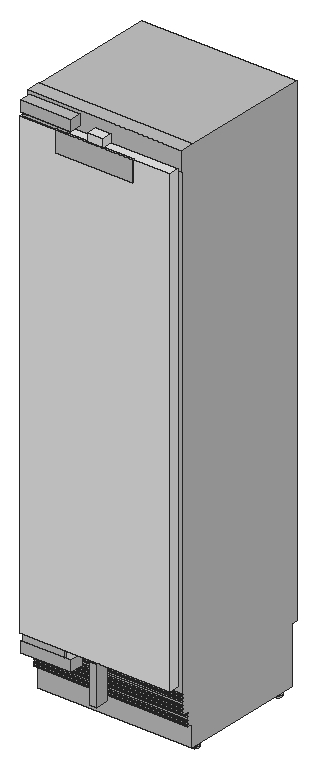
Revit family "FP-Revit18-RS2484FLJK1-Freezer-0-CA-US-90001056A", category Specialty Equipment, Revit 2020
Family settings
  Round Connector Dimension = Use Diameter
  Part Type = Normal
  OmniClass Number = 23.40.40.11.11
  OmniClass Title = Refrigerators and Freezers
  Work Plane-Based = No
  Always vertical = Yes
  Cut with Voids When Loaded = Yes
  Shared = No
  Room Calculation Point = No
Parameters (values of type "RS2484FLJE1")
  Visibility - Water Connection = yes
  Visibility - Visibility Control Note = yes
  Visibility - Clearance Required = yes
  URL = "www.fisherpaykel.com"
  Stainless Steel Door Panels (RD2484L4D) = no
  Product - Width = 603 mm  # constant formula
  Product - Height = 2134 mm  # constant formula
  Product - Depth (exl front panel) = 610 mm  # constant formula
  Model = "RS2484FLJE1"
  Material - Handle = Fisher & Paykel - Aluminium
  Material - Door Structure = Fisher & Paykel - White
  Material - Door Front = Fisher & Paykel - Stainless Steel
  Material - Body = Fisher & Paykel - Grey
  Manufacturer = "Fisher & Paykel Appliances"
  Handle Style - Professional Square (AHV2-RD84) = no
  Handle Style - Professional Round (AHC-RD84) = no
  Handle Style - Contemporary Square (AHD3-RD84) = no
  Handle Style - Contemporary Round (AHS-RD84) = no
  Description = "24\" Integrated Column Freezer with internal ice maker, stainless steel interior"
  Default Elevation = 0 mm
  Connector Description - Water = "1/4\" (6mm) comp. stainless steel braided hose"
  Connector Description - Electrical = "120 V, 10 amp fused electrical supply"
  Cavity - Width = 610 mm  # constant formula
  Cavity - Height = 2134 mm  # constant formula
  Cavity - Depth = 635 mm  # constant formula
Types (3, lengths in mm): name | Model | Description
  (no name) | "RS2484FLJE1" | "24\" Integrated Column Freezer with internal ice maker, stainless steel interior"
  RS2484FLJE1 | "RS2484FLJE1" | "24\" Integrated Column Freezer with internal ice maker, stainless steel interior"
  RS2484FLJ1 | "RS2484FLJ1" | "24\" Integrated Column Freezer with internal ice maker, white interior"
Reference planes
  plane 1 "Datum": y = 0
  plane 2: z = 0
  plane 3 "Center (Left/Right)": x = 0
  plane 4 "Product LHS": x = -301.5
  plane 5 "Product RHS": x = 301.5
  plane 6 "Product - Depth": y = 610
  plane 7 "Cavity LHS": x = -305
  plane 8 "Cavity RHS": x = 305
  plane 9 "Cavity - Depth": y = 612.9
  plane 10 "Handle Offset": x = 238.5
  plane 11 "Product Height": z = 2134
  plane 12 "Cavity Height": z = 2134
  plane 13 "Door Panel Datum": y = -4.1
Forms (mm)
  Extrusion 1, solid, material "Fisher & Paykel - Grey" <- "Material - Body", detail levels fine
    sketch origin (0, 0, 0) x (0, 1, 0) y (0, 0, 1)
      loop
        line (100.1, 19.1) -> (587.9, 19.1) -> (587.9, 239.7) -> (610, 239.7) -> (610, 2131.9) -> (105.1, 2131.9) -> (105.1, 2134) -> (49.9, 2134) -> (49.9, 2059) -> (56, 2059) -> (56, 228.6) -> (59.5, 228.6) -> (59.5, 219.7) -> (56.5, 219.7) -> (56.5, 215.9) -> (59.5, 215.9) -> (59.5, 207) -> (56.5, 207) -> (56.5, 203.2) -> (59.5, 203.2) -> (59.5, 194.3) -> (56.5, 194.3) -> (56.5, 190.5) -> (59.5, 190.5) -> (59.5, 181.6) -> (56.5, 181.6) -> (56.5, 177.8) -> (59.5, 177.8) -> (59.5, 168.9) -> (56.5, 168.9) -> (56.5, 165.1) -> (59.5, 165.1) -> (59.5, 156.2) -> (56.5, 156.2) -> (56.5, 152.4) -> (84.1, 152.4) -> (84.1, 143.5) -> (81.1, 143.5) -> (81.1, 139.7) -> (84.1, 139.7) -> (84.1, 130.8) -> (81.1, 130.8) -> (81.1, 127) -> (84.1, 127) -> (84.1, 118.1) -> (81.1, 118.1) -> (81.1, 114.3) -> (84.1, 114.3) -> (84.1, 105.4) -> (81.1, 105.4) -> (81.1, 101.6) -> (100.1, 101.6) -> (100.1, 19.1)
    from -301.5 to 301.5
  Extrusion 2, solid, material "Fisher & Paykel - Grey" <- "Material - Body"
    sketch origin (0, 0, 0) x (1, 0, 0) y (0, 1, 0)
      loop
        circle (-281, 547.8) r 4.1
      loop
        circle (-281, 141.8) r 4.1
      loop
        circle (281, 547.8) r 4.1
      loop
        circle (281, 141.8) r 4.1
    from 3 to 19.1
  Extrusion 3, solid, material "Fisher & Paykel - Grey" <- "Material - Body"
    sketch origin (0, 0, 0) x (1, 0, 0) y (0, 1, 0)
      loop
        circle (-281, 547.8) r 14.5
      loop
        circle (-281, 141.8) r 14.555
      loop
        circle (281, 547.8) r 14.5
      loop
        circle (281, 141.8) r 14.555
    from 0 to 3
  Extrusion 4, solid, material "Fisher & Paykel - Grey" <- "Material - Body", detail levels fine
    sketch origin (0, 0, 0) x (1, 0, 0) y (0, 1, 0)
      loop
        line (-7.5, 49) -> (-13.797, -4.1) -> (13.797, -4.1) -> (7.5, 49) -> (-7.5, 49)
    from 104.2 to 254.2
  Extrusion 5, solid, material "Fisher & Paykel - Grey" <- "Material - Body", detail levels fine
    sketch origin (0, 0, 0) x (0, 1, 0) y (0, 0, 1)
      loop
        line (0, 2070.6) -> (0, 1988.6) -> (2, 1988.6) -> (2, 2068.6) -> (4, 2068.6) -> (4, 2070.6) -> (0, 2070.6)
    from -150 to 150
  Extrusion 6, solid, material "Fisher & Paykel - Grey" <- "Material - Body"
    sketch origin (0, 0, 0) x (1, 0, 0) y (0, 0, 1)
      loop
        circle (226.5, 119.813) r 5
      loop
        circle (-226.5, 119.813) r 5
    from -590 to -587.9
  Extrusion 7, solid, material "Fisher & Paykel - White" <- "Material - Door Structure"
    sketch origin (0, 0, 0) x (1, 0, 0) y (0, 1, 0)
      loop
        line (-276.5, 56) -> (-276.5, 42) -> (276.5, 42) -> (276.5, 56) -> (-276.5, 56)
    from 269.6 to 2030.7
  Extrusion 8, solid, material "Fisher & Paykel - White" <- "Material - Door Structure"
    sketch origin (0, 0, 0) x (1, 0, 0) y (0, 1, 0)
      loop
        line (-292.9, 42) -> (-292.9, 3) -> (292.9, 3) -> (292.9, 42) -> (-292.9, 42)
    from 254.2 to 2068.6
  Extrusion 9, solid, material "Fisher & Paykel - White" <- "Material - Door Structure", detail levels fine
    sketch origin (0, 0, 0) x (1, 0, 0) y (0, 0, 1)
      loop
        line (-29.5, 2100.1) -> (-29.5, 2068.6) -> (29.5, 2068.6) -> (29.5, 2100.1) -> (-29.5, 2100.1)
    from -42 to -3
  Extrusion 10, solid, material "Fisher & Paykel - Stainless Steel" <- "Material - Door Front", visible <- "Stainless Steel Door Panels (RD2484L4D)"
    sketch origin (0, 0, 0) x (0, 1, 0) y (0, 0, 1)
      loop
        line (-22.1, 2130.8) -> (-22.1, 102) -> (-4.1, 102) -> (-4.1, 2130.8) -> (-22.1, 2130.8)
    from -301.5 to 301.5
  Extrusion 11, solid, material "Fisher & Paykel - Grey" <- "Material - Body", detail levels coarse+medium
    sketch origin (0, 0, 0) x (0, 1, 0) y (0, 0, 1)
      loop
        line (49.9, 2134) -> (49.9, 2059) -> (56, 2059) -> (56, 152.4) -> (81.1, 152.4) -> (81.1, 101.6) -> (100.1, 101.6) -> (100.1, 19.1) -> (587.9, 19.1) -> (587.9, 239.7) -> (610, 239.7) -> (610, 2134) -> (49.9, 2134)
    from -301.5 to 301.5
  Extrusion 12, solid, material "Fisher & Paykel - Grey" <- "Material - Body", detail levels fine
    sketch origin (0, 0, 0) x (-1, 0, 0) y (0, 0, -1)
      loop
        line (289.9, -187.65) -> (95.42, -187.65) -> (95.42, -229.75) -> (289.9, -229.75) -> (289.9, -187.65)
    from -56 to -2.5
  Extrusion 13, solid, material "Fisher & Paykel - Grey" <- "Material - Body", detail levels fine
    sketch origin (0, 0, 0) x (-1, 0, 0) y (0, 0, -1)
      loop
        line (289.9, -2123.15) -> (289.9, -2081.05) -> (95.42, -2081.05) -> (95.42, -2123.15) -> (289.9, -2123.15)
    from -49 to -2.5
  Extrusion 14, solid, material "Fisher & Paykel - Grey" <- "Material - Body", detail levels fine
    sketch origin (0, 0, -4) x (0, 1, 0) y (0, 0, 1)
      loop
        arc (163.888, 23.1) -> (180.4, 13.63) -> (196.912, 23.1) r 19.13
        line (196.912, 23.1) -> (163.888, 23.1)
      loop
        arc (493.888, 23.1) -> (510.4, 13.63) -> (526.912, 23.1) r 19.13
        line (526.912, 23.1) -> (493.888, 23.1)
    from 191 to 219
  Extrusion 15, solid, material "Fisher & Paykel - Grey" <- "Material - Body", detail levels fine
    sketch origin (0, 0, -4) x (0, 1, 0) y (0, 0, -1)
      loop
        line (163.888, -23.1) -> (196.912, -23.1)
        arc (196.912, -23.1) -> (180.4, -13.63) -> (163.888, -23.1) r 19.13
      loop
        line (493.888, -23.1) -> (526.912, -23.1)
        arc (526.912, -23.1) -> (510.4, -13.63) -> (493.888, -23.1) r 19.13
    from 191 to 219
  Extrusion 16, solid, material "Fisher & Paykel - Clearance Required", visible <- "Visibility - Clearance Required", detail levels coarse
    sketch origin (0, 0, 0) x (1, 0, 0) y (0, 1, 0)
      loop
        line (-305, 612.9) -> (-305, -4.1) -> (305, -4.1) -> (305, 612.9) -> (-305, 612.9)
    from 0 to 2134
  Extrusion 17, void
    sketch origin (0, 0, 0) x (1, 0, 0) y (0, 1, 0)
      loop
        line (-305, 612.9) -> (-305, -22.1) -> (305, -22.1) -> (305, 612.9) -> (-305, 612.9)
    from 0 to 2134
  Extrusion 18, solid, material "Fisher & Paykel - Clearance Required", visible <- "Visibility - Clearance Required", detail levels coarse
    sketch origin (0, 0, 0) x (-1, 0, 0) y (0, -1, 0)
      loop
        line (-301.5, 22.1) -> (301.5, 22.1)
        arc (301.5, 22.1) -> (310.616, 38.605) -> (329.441, 39.678) r 19.5
        line (329.441, 39.678) -> (550.259, 513.225) -> (574.757, 501.802)
        arc (574.757, 501.802) -> (598.013, 510.267) -> (589.549, 533.523) r 17.5
        line (589.549, 533.523) -> (565.051, 544.946) -> (584.28, 586.183)
        arc (584.28, 586.183) -> (-13.376, 547.171) -> (-301.5, 22.1) r 622.5
    from 0 to 2134
  Extrusion 19, solid, material "Fisher & Paykel - Grey" <- "Material - Body", detail levels fine
    sketch origin (0, 0, 0) x (-1, 0, 0) y (0, 0, -1)
      loop
        line (118.4, -254.2) -> (282.9, -254.2) -> (282.9, -229.75) -> (118.4, -229.75) -> (118.4, -254.2)
      loop
        line (106, -2081.05) -> (242.9, -2081.05) -> (282.9, -2076.05) -> (282.9, -2068.6) -> (106, -2068.6) -> (106, -2081.05)
    from -7 to -4
Lines and regions (mm)
  model lines, style "Fisher & Paykel"
    curve 1: line (-301.5, -4.1, 2130.8) -> (301.5, -4.1, 2130.8)
    curve 2: line (-301.5, -4.1, 102) -> (-301.5, -4.1, 2130.8)
    curve 3: line (301.5, -4.1, 102) -> (-301.5, -4.1, 102)
    curve 4: line (301.5, -4.1, 2130.8) -> (301.5, -4.1, 102)
Text (mm)
  text "Due to ongoing product development, product details are subject to change without notice. \nPlease always refer to www.fisherpaykel.com for the most current product information. \n© Fisher & Paykel 2020" at (41.04, -678.295, 0), in view "Ref. Level (Plan)"
Dimensions and locks
  equal spacing: plane 4 "Product LHS", plane 3 "Center (Left/Right)", plane 5 "Product RHS"
  "Product - Width": plane 4 "Product LHS" to plane 5 "Product RHS"
  "Product - Depth (exl front panel)": plane 1 "Datum" to plane 6 "Product - Depth"
  equal spacing: plane 7 "Cavity LHS", plane 3 "Center (Left/Right)", plane 8 "Cavity RHS"
  "Cavity - Width": plane 7 "Cavity LHS" to plane 8 "Cavity RHS"
  plane 4 "Product LHS" to Extrusion 2 sketch curve = 24.6 mm
  plane 4 "Product LHS" to plane 10 "Handle Offset" = 540 mm
  Extrusion 6 sketch curve to Extrusion 1 = 119.887 mm  (x2)
  Extrusion 6 sketch curve to plane 5 "Product RHS" = 75 mm
  plane 4 "Product LHS" to Extrusion 6 sketch curve = 75 mm
  Extrusion 1 sketch curve to Extrusion 1 sketch curve = 82.5 mm
  Extrusion 1 sketch curve to Extrusion 1 sketch curve = 209.5 mm
  Extrusion 3 to level = 3 mm
  Extrusion 11 to Extrusion 8 = 235.1 mm
  Extrusion 11 to Extrusion 7 = 250.5 mm
  Extrusion 11 to Extrusion 11 = 2114.9 mm
  Extrusion 11 to Extrusion 10 = 82.9 mm
  "Product - Height": level to plane 11 "Product Height"
  plane 11 "Product Height" to Extrusion 10 = 3.2 mm
  Extrusion 8 to plane 11 "Product Height" = 65.4 mm
  Extrusion 7 to plane 11 "Product Height" = 103.3 mm
  Extrusion 11 sketch curve to plane 11 "Product Height" = 75 mm
  Extrusion 1 sketch curve to plane 11 "Product Height" = 2.1 mm
  Extrusion 1 sketch curve to plane 11 "Product Height" = 75 mm
  "Cavity - Height": plane 12 "Cavity Height" to level
  plane 1 "Datum" to Extrusion 16 = 612.9 mm
  plane 1 "Datum" to Extrusion 17 = 612.9 mm
  Extrusion 19 sketch curve to Extrusion 19 sketch curve = 40 mm
  Extrusion 19 sketch curve to Extrusion 19 sketch curve = 176.9 mm
  plane 3 "Center (Left/Right)" to Extrusion 19 sketch curve = 106 mm
  plane 3 "Center (Left/Right)" to Extrusion 19 sketch curve = 118.4 mm
  plane 1 "Datum" to Extrusion 18 = 22.1 mm
  "Cavity - Depth": plane 9 "Cavity - Depth" to Extrusion 18
  plane 10 "Handle Offset" to plane 5 "Product RHS" = 63 mm
  radius of Extrusion 6 sketch curve = 5 mm
  aligned and locked: level to plane 2
  aligned and locked: Extrusion 10 to plane 5 "Product RHS"
  aligned and locked: plane 4 "Product LHS" to Extrusion 10
  aligned and locked: Extrusion 11 to plane 5 "Product RHS"
  aligned and locked: Extrusion 11 to plane 4 "Product LHS"
  aligned and locked: Extrusion 11 sketch curve to plane 11 "Product Height"
  aligned and locked: plane 11 "Product Height" to Extrusion 1 sketch curve
  aligned and locked: Extrusion 14 sketch curve to Extrusion 14 sketch curve
  aligned and locked: Extrusion 15 sketch curve to Extrusion 15 sketch curve
  aligned and locked: Extrusion 1 to plane 5 "Product RHS"
  aligned and locked: plane 4 "Product LHS" to Extrusion 1
  aligned and locked: Extrusion 2 to Extrusion 1
  aligned and locked: nested 5 to plane 10 "Handle Offset"
  aligned and locked: nested 4 to plane 10 "Handle Offset"
  aligned and locked: nested 3 to plane 10 "Handle Offset"
  aligned and locked: nested 2 to plane 10 "Handle Offset"
Automatic sketch dimensions
  Extrusion 2 sketch curve to plane 4 "Product LHS" = 20.5 mm  (x2)
  plane 5 "Product RHS" to Extrusion 2 sketch curve = 20.5 mm  (x2)
  Extrusion 2 sketch curve to plane 1 "Datum" = 141.8 mm  (x2)
  Extrusion 2 sketch curve to plane 6 "Product - Depth" = 62.2 mm  (x2)
  Extrusion 3 sketch curve to plane 4 "Product LHS" = 20.5 mm  (x2)
  plane 5 "Product RHS" to Extrusion 3 sketch curve = 20.5 mm  (x2)
  Extrusion 3 sketch curve to plane 1 "Datum" = 141.8 mm  (x2)
  Extrusion 3 sketch curve to plane 6 "Product - Depth" = 62.2 mm  (x2)
  plane 1 "Datum" to Extrusion 4 sketch curve = 4.1 mm
  Extrusion 4 sketch curve to plane 3 "Center (Left/Right)" = 13.797 mm
  Extrusion 4 sketch curve to plane 3 "Center (Left/Right)" = 7.5 mm
  plane 3 "Center (Left/Right)" to Extrusion 4 sketch curve = 7.5 mm
  plane 3 "Center (Left/Right)" to Extrusion 4 sketch curve = 13.797 mm
  Extrusion 4 sketch curve to plane 1 "Datum" = 49 mm
  Extrusion 5 sketch curve to plane 1 "Datum" = 0 mm
  Extrusion 5 sketch curve to plane 1 "Datum" = 2 mm
  Extrusion 5 sketch curve to Extrusion 5 sketch curve = 2 mm  (x2)
  plane 11 "Product Height" to Extrusion 5 sketch curve = 145.4 mm
  plane 11 "Product Height" to Extrusion 5 sketch curve = 65.4 mm
  Extrusion 7 sketch curve to plane 4 "Product LHS" = 25 mm
  plane 5 "Product RHS" to Extrusion 7 sketch curve = 25 mm
  Extrusion 7 sketch curve to plane 1 "Datum" = 42 mm
  Extrusion 7 sketch curve to Extrusion 7 sketch curve = 14 mm
  Extrusion 8 sketch curve to plane 1 "Datum" = 3 mm
  Extrusion 8 sketch curve to plane 4 "Product LHS" = 8.6 mm
  plane 5 "Product RHS" to Extrusion 8 sketch curve = 8.6 mm
  Extrusion 8 sketch curve to Extrusion 8 sketch curve = 39 mm
  Extrusion 9 sketch curve to plane 3 "Center (Left/Right)" = 29.5 mm
  plane 3 "Center (Left/Right)" to Extrusion 9 sketch curve = 29.5 mm
  plane 11 "Product Height" to Extrusion 9 sketch curve = 65.4 mm
  Extrusion 9 sketch curve to Extrusion 9 sketch curve = 31.5 mm
  plane 1 "Datum" to Extrusion 10 sketch curve = 22.1 mm
  plane 1 "Datum" to Extrusion 10 sketch curve = 4.1 mm
  level to Extrusion 10 sketch curve = 102 mm
  plane 11 "Product Height" to Extrusion 10 sketch curve = 3.2 mm
  plane 3 "Center (Left/Right)" to Extrusion 12 sketch curve = 95.42 mm
  plane 4 "Product LHS" to Extrusion 12 sketch curve = 11.6 mm
  Extrusion 12 sketch curve to level = 187.65 mm
  Extrusion 12 sketch curve to Extrusion 12 sketch curve = 42.1 mm
  Extrusion 13 sketch curve to plane 11 "Product Height" = 10.85 mm
  plane 3 "Center (Left/Right)" to Extrusion 13 sketch curve = 95.42 mm
  plane 4 "Product LHS" to Extrusion 13 sketch curve = 11.6 mm
  Extrusion 13 sketch curve to Extrusion 13 sketch curve = 42.1 mm
  Extrusion 14 sketch curve to plane 1 "Datum" = 163.888 mm
  Extrusion 14 sketch curve to Extrusion 14 sketch curve = 16.512 mm  (x2)
  Extrusion 14 sketch curve to plane 6 "Product - Depth" = 116.112 mm
  Extrusion 14 sketch curve to Extrusion 14 sketch curve = 9.66 mm  (x2)
  Extrusion 15 sketch curve to plane 1 "Datum" = 163.888 mm
  Extrusion 15 sketch curve to Extrusion 15 sketch curve = 16.512 mm  (x2)
  Extrusion 15 sketch curve to plane 6 "Product - Depth" = 116.112 mm
  Extrusion 15 sketch curve to Extrusion 15 sketch curve = 9.66 mm  (x2)
  Extrusion 16 sketch curve to plane 7 "Cavity LHS" = 0 mm
  Extrusion 16 sketch curve to plane 8 "Cavity RHS" = 0 mm
  Extrusion 16 sketch curve to plane 9 "Cavity - Depth" = 0 mm
  plane 1 "Datum" to Extrusion 16 sketch curve = 4.1 mm
  Extrusion 17 sketch curve to plane 7 "Cavity LHS" = 0 mm
  Extrusion 17 sketch curve to plane 8 "Cavity RHS" = 0 mm
  plane 9 "Cavity - Depth" to Extrusion 17 sketch curve = 0 mm
  plane 1 "Datum" to Extrusion 17 sketch curve = 22.1 mm
  Extrusion 18 sketch curve to Extrusion 18 sketch curve = 0 mm  (x2)
  Extrusion 18 sketch curve to plane 5 "Product RHS" = 0 mm
  Extrusion 18 sketch curve to plane 4 "Product LHS" = 0 mm
  Extrusion 18 sketch curve to plane 7 "Cavity LHS" = 16 mm
  Extrusion 18 sketch curve to Extrusion 18 sketch curve = 8.441 mm
  Extrusion 18 sketch curve to plane 7 "Cavity LHS" = 245.259 mm
  Extrusion 18 sketch curve to Extrusion 18 sketch curve = 14.792 mm
  Extrusion 18 sketch curve to Extrusion 18 sketch curve = 24.498 mm
  Extrusion 18 sketch curve to Extrusion 18 sketch curve = 7.396 mm  (x2)
  Extrusion 18 sketch curve to Extrusion 18 sketch curve = 19.229 mm
  Extrusion 18 sketch curve to plane 1 "Datum" = 586.183 mm
  Extrusion 18 sketch curve to Extrusion 18 sketch curve = 41.237 mm
  Extrusion 18 sketch curve to Extrusion 18 sketch curve = 15.86 mm
  Extrusion 19 sketch curve to plane 11 "Product Height" = 52.95 mm
  plane 4 "Product LHS" to Extrusion 19 sketch curve = 18.6 mm
  Extrusion 19 sketch curve to Extrusion 19 sketch curve = 5 mm
  Extrusion 19 sketch curve to Extrusion 19 sketch curve = 12.45 mm
  Extrusion 19 sketch curve to level = 254.2 mm
  Extrusion 19 sketch curve to Extrusion 19 sketch curve = 24.45 mm
  Extrusion 11 sketch curve to plane 6 "Product - Depth" = 0 mm
  Extrusion 11 sketch curve to plane 6 "Product - Depth" = 22.1 mm
  Extrusion 11 sketch curve to plane 1 "Datum" = 100.1 mm
  Extrusion 11 sketch curve to Extrusion 11 sketch curve = 19 mm
  Extrusion 11 sketch curve to plane 1 "Datum" = 56 mm
  Extrusion 11 sketch curve to plane 1 "Datum" = 49.9 mm
  level to Extrusion 11 sketch curve = 152.4 mm
  Extrusion 11 sketch curve to Extrusion 11 sketch curve = 50.8 mm
  level to Extrusion 11 sketch curve = 19.1 mm
  Extrusion 11 sketch curve to Extrusion 11 sketch curve = 220.6 mm
  level to Extrusion 14 sketch curve = 19.1 mm
  level to Extrusion 15 sketch curve = 28.76 mm
  Extrusion 1 sketch curve to plane 6 "Product - Depth" = 0 mm
  Extrusion 1 sketch curve to Extrusion 1 sketch curve = 22.1 mm
  Extrusion 1 sketch curve to plane 1 "Datum" = 105.1 mm
  level to Extrusion 1 sketch curve = 19.1 mm
  Extrusion 1 sketch curve to plane 1 "Datum" = 100.1 mm
  Extrusion 1 sketch curve to Extrusion 1 sketch curve = 16 mm
  Extrusion 1 sketch curve to Extrusion 1 sketch curve = 0 mm  (x8)
  Extrusion 1 sketch curve to Extrusion 1 sketch curve = 3 mm  (x10)
  Extrusion 1 sketch curve to plane 1 "Datum" = 59.5 mm
  Extrusion 1 sketch curve to plane 1 "Datum" = 56 mm
  Extrusion 1 sketch curve to plane 1 "Datum" = 49.9 mm
  Extrusion 1 sketch curve to Extrusion 1 sketch curve = 3.8 mm  (x10)
  Extrusion 1 sketch curve to Extrusion 1 sketch curve = 8.9 mm  (x9)
  Extrusion 1 sketch curve to Extrusion 1 sketch curve = 220.6 mm
  plane 5 "Product RHS" to curve 1 = 0 mm
  plane 4 "Product LHS" to curve 3 = 0 mm
  level to curve 3 = 102 mm
  plane 11 "Product Height" to curve 2 = 3.2 mm
  radius of Extrusion 2 sketch curve = 4.1 mm  (x3)
  radius of Extrusion 3 sketch curve = 14.5 mm  (x2)
  radius of Extrusion 3 sketch curve = 14.555 mm  (x2)
  radius of Extrusion 6 sketch curve = 5 mm
Nested families
  nested 1: "Visibility Control Note 18" at (0, 0, 0), visible <- "Visibility - Visibility Control Note", type "Visibility Control Note 18"
  nested 2: "Handle Contemporary Round - Vertical" at (238.5, -22.1, 1242.58), visible <- "Handle Style - Contemporary Round (AHS-RD84)", type "AHS-RD84 - Contemporary round handle (Vertical) 852mm"
  nested 3: "Handle Contemporary Square - Vertical" at (238.5, -22.1, 1242.58), visible <- "Handle Style - Contemporary Square (AHD3-RD84)", type "AHD3-RD84 - Contemporary square handle (Vertical) 852mm"
  nested 4: "Handle Professional Round - Vertical" at (238.5, -22.1, 1242.58), visible <- "Handle Style - Professional Round (AHC-RD84)", type "AHC-RD84 - Professional round handle (Vertical) 786mm"
  nested 5: "Handle Professional Square - Vertical" at (238.5, -22.1, 1242.58), visible <- "Handle Style - Professional Square (AHV2-RD84)", type "AHV2-RD84 - Professional square handle (Vertical) 792mm"
Connectors
  electrical at (-226.5, 590, 119.813), driven by "Connector Description - Electrical"
    settings: on Extrusion 6, index 1, voltage 120 V, apparent load 0 VA, apparent load phase1 0 VA, apparent load phase2 0 VA, apparent load phase3 0 VA, power factor 1, load classification "Other", number of poles 1, system type 30, power factor state 1, is connector primary yes, connector utility no, sub classification motor no, connector description "120 V, 10 amp fused electrical supply"
  piping at (226.5, 590, 119.813), diameter 12.7, driven by "Visibility - Water Connection", driven by "Connector Description - Water"
    settings: on Extrusion 6, index 2, connector inside diameter 609.6 mm, connector length 0 mm, flow factor 0, pipe flow 0.0 L/s, pressure drop 0.0 Pa, fitting loss kfactor 0, connector angle 0.00°, fixture units 0, engagement length 0 mm, angle of deflection 0.00°, flow configuration 0, flow direction 1, fitting loss method 0, system type 20, joint type 0, gender type 0, connector reference index -1, connector utility 1, adjustable connector no, is connector primary yes, connector description "1/4\" (6mm) comp. stainless steel braided hose"
Definition of nested family "Handle Contemporary Round - Vertical"
  Parameters (values of type "AHSRS80A - Contemporary round handle (1 of 2) (Vertical) 727mm")
    URL = "www.fisherpaykel.com"
    Material - Handle = none
    Manufacturer = "Fisher & Paykel Appliances"
    Handle - Length = 727 mm
    Default Elevation = 0 mm
  Types (6, lengths in mm): name | Handle - Length
    AHS-RD21 - Contemporary round handle (Vertical) 852mm | 852
    AHSRD2484W - Contemporary round handle (1 of 2) (Vertical) 727mm | 727
    AHSRD3084W - Contemporary round handle (1 of 2) (Vertical) 727mm | 727
    AHS-RD84 - Contemporary round handle (Vertical) 852mm | 852
    AHSRS3272A - Contemporary round handle (1 of 2) (Vertical) 727mm | 727
    AHSRS80A - Contemporary round handle (1 of 2) (Vertical) 727mm | 727
  Reference planes
    plane 1 "Center (Front/Back)": y = 0
    plane 2: z = 0
    plane 3 "Center (Left/Right)": x = 0
    plane 4 "Top": z = 363.5
    plane 5 "Bottom": z = -363.5
    plane 6 "Top Standoff": z = 243.5
    plane 7 "Bottom Standoff": z = -243.5
  Forms (mm)
    Extrusion 1, solid, material <- "Material - Handle"
      sketch origin (0, 0, 0) x (1, 0, 0) y (0, 1, 0)
        loop
          circle (0, -32.3) r 8.7
      from -243.5 to 243.5
    Extrusion 2, solid, material <- "Material - Handle", detail levels fine
      sketch origin (0, 0, 0) x (1, 0, 0) y (0, 1, 0)
        loop
          line (-8.7, 0) -> (-8.7, -32.3)
          arc (-8.7, -32.3) -> (0, -41) -> (8.7, -32.3) r 8.7
          line (8.7, -32.3) -> (8.7, 0) -> (-8.7, 0)
      from 243.5 to 363.5
    Extrusion 3, solid, material <- "Material - Handle", detail levels fine
      sketch origin (0, 0, 0) x (1, 0, 0) y (0, 1, 0)
        loop
          line (-8.7, 0) -> (-8.7, -32.3)
          arc (-8.7, -32.3) -> (0, -41) -> (8.7, -32.3) r 8.7
          line (8.7, -32.3) -> (8.7, 0) -> (-8.7, 0)
      from -363.5 to -243.5
    Sweep 4, void
      path in 3D
        loop
          line (8.7, 0, -363.5) -> (8.7, -32.3, -363.5)
          arc (8.7, -32.3, -363.5) -> (0, -41, -363.5) -> (-8.7, -32.3, -363.5) r 8.7
          line (-8.7, -32.3, -363.5) -> (-8.7, 0, -363.5)
      profile origin (8.7, -16.15, -363.5) x (-1, 0, 0) y (0, 0, -1)
        loop
          line (0, 0) -> (0, -1) -> (1, 0) -> (0, 0)
    Sweep 5, void
      path in 3D
        loop
          line (-8.7, 0, 363.5) -> (-8.7, -32.3, 363.5)
          arc (-8.7, -32.3, 363.5) -> (0, -41, 363.5) -> (8.7, -32.3, 363.5) r 8.7
          line (8.7, -32.3, 363.5) -> (8.7, 0, 363.5)
      profile origin (8.7, -16.15, 363.5) x (-1, 0, 0) y (0, 0, 1)
        loop
          line (0, 0) -> (0, -1) -> (1, 0) -> (0, 0)
    Extrusion 6, solid, material <- "Material - Handle", detail levels coarse+medium
      sketch origin (0, 0, 0) x (1, 0, 0) y (0, 1, 0)
        loop
          line (-8.7, 0) -> (-8.7, -32.3)
          arc (-8.7, -32.3) -> (0, -41) -> (8.7, -32.3) r 8.7
          line (8.7, -32.3) -> (8.7, 0) -> (-8.7, 0)
      from 243.5 to 363.5
    Extrusion 7, solid, material <- "Material - Handle", detail levels coarse+medium
      sketch origin (0, 0, 0) x (1, 0, 0) y (0, 1, 0)
        loop
          line (-8.7, 0) -> (-8.7, -32.3)
          arc (-8.7, -32.3) -> (0, -41) -> (8.7, -32.3) r 8.7
          line (8.7, -32.3) -> (8.7, 0) -> (-8.7, 0)
      from -363.5 to -243.5
  Cuts and joins
    Sweep 4 cuts Extrusion 3
    Sweep 5 cuts Extrusion 2
  Lines and regions (mm)
    sketch lines
      curve 1: line (8.7, 0, -363.5) -> (8.7, -32.3, -363.5)
      curve 2: arc (-8.7, -32.3, -363.5) -> (0, -41, -363.5) -> (8.7, -32.3, -363.5) r 8.7
      curve 3: line (-8.7, -32.3, -363.5) -> (-8.7, 0, -363.5)
      curve 4: line (8.7, -32.3, 363.5) -> (8.7, 0, 363.5)
      curve 5: arc (8.7, -32.3, 363.5) -> (0, -41, 363.5) -> (-8.7, -32.3, 363.5) r 8.7
      curve 6: line (-8.7, 0, 363.5) -> (-8.7, -32.3, 363.5)
  Dimensions and locks
    equal spacing: plane 4 "Top", level, plane 5 "Bottom"
    "Handle - Length": plane 4 "Top" to plane 5 "Bottom"
    locked: plane 4 "Top" to plane 6 "Top Standoff" at 120
    locked: plane 7 "Bottom Standoff" to plane 5 "Bottom" at 120
    Extrusion 2 sketch curve to Extrusion 2 sketch curve = 17.4 mm
    Extrusion 3 sketch curve to Extrusion 3 sketch curve = 17.4 mm
    Extrusion 6 sketch curve to Extrusion 6 sketch curve = 17.4 mm
    Extrusion 7 sketch curve to Extrusion 7 sketch curve = 17.4 mm
    aligned and locked: level to plane 2
    aligned and locked: plane 4 "Top" to Extrusion 2
    aligned and locked: Extrusion 3 to plane 5 "Bottom"
    aligned and locked: plane 7 "Bottom Standoff" to Extrusion 3
    aligned and locked: Extrusion 1 to plane 7 "Bottom Standoff"
    aligned and locked: plane 6 "Top Standoff" to Extrusion 1
    aligned and locked: Extrusion 2 to Extrusion 1
    aligned and locked: Extrusion 6 to Extrusion 1
    aligned and locked: plane 4 "Top" to Extrusion 6
    aligned and locked: Extrusion 7 to Extrusion 1
    aligned and locked: Extrusion 7 to plane 5 "Bottom"
  Automatic sketch dimensions
    Extrusion 1 sketch curve to plane 3 "Center (Left/Right)" = 0 mm
    plane 1 "Center (Front/Back)" to Extrusion 1 sketch curve = 32.3 mm
    plane 1 "Center (Front/Back)" to Extrusion 2 sketch curve = 0 mm
    Extrusion 2 sketch curve to plane 3 "Center (Left/Right)" = 0 mm
    Extrusion 2 sketch curve to plane 3 "Center (Left/Right)" = 8.7 mm
    plane 1 "Center (Front/Back)" to Extrusion 2 sketch curve = 32.3 mm
    plane 1 "Center (Front/Back)" to Extrusion 3 sketch curve = 0 mm
    Extrusion 3 sketch curve to plane 3 "Center (Left/Right)" = 0 mm
    Extrusion 3 sketch curve to plane 3 "Center (Left/Right)" = 8.7 mm
    plane 1 "Center (Front/Back)" to Extrusion 3 sketch curve = 32.3 mm
    Sweep 4 sketch curve to profile plane = 0 mm  (x2)
    Sweep 4 sketch curve to profile plane = 1 mm  (x2)
    Sweep 5 sketch curve to profile plane = 0 mm  (x2)
    Sweep 5 sketch curve to profile plane = 1 mm  (x2)
    Extrusion 6 sketch curve to plane 3 "Center (Left/Right)" = 0 mm
    Extrusion 6 sketch curve to plane 3 "Center (Left/Right)" = 8.7 mm
    plane 1 "Center (Front/Back)" to Extrusion 6 sketch curve = 32.3 mm
    Extrusion 6 sketch curve to Extrusion 6 sketch curve = 32.3 mm
    Extrusion 7 sketch curve to plane 3 "Center (Left/Right)" = 0 mm
    Extrusion 7 sketch curve to plane 3 "Center (Left/Right)" = 8.7 mm
    plane 1 "Center (Front/Back)" to Extrusion 7 sketch curve = 32.3 mm
    Extrusion 7 sketch curve to Extrusion 7 sketch curve = 32.3 mm
    radius of Extrusion 1 sketch curve = 8.7 mm
Definition of nested family "Handle Contemporary Square - Vertical"
  Parameters (values of type "AHD3RS80A - Contemporary square handle (1 of 2) (Vertical) 727mm")
    URL = "www.fisherpaykel.com"
    Material - Handle = none
    Manufacturer = "Fisher & Paykel Appliances"
    Handle - Length = 727 mm
    Default Elevation = 0 mm
  Types (7, lengths in mm): name | Handle - Length
    (no name) | 727
    AHD3-RD21 - Contemporary square handle (Vertical) 852mm | 852
    AHD3RD2484W - Contemporary square handle (1 of 2) (Vertical) 727mm | 727
    AHD3RD3084W - Contemporary square handle (1 of 2) (Vertical) 727mm | 727
    AHD3-RD84 - Contemporary square handle (Vertical) 852mm | 852
    AHD3RS3272A - Contemporary square handle (1 of 2) (Vertical) 727mm | 727
    AHD3RS80A - Contemporary square handle (1 of 2) (Vertical) 727mm | 727
  Reference planes
    plane 1 "Center (Front/Back)": y = 0
    plane 2: z = 0
    plane 3 "Center (Left/Right)": x = 0
    plane 4 "Top": z = 363.5
    plane 5 "Bottom": z = -363.5
    plane 6 "Top Standoff": z = 243.5
    plane 7 "Bottom Standoff": z = -243.5
  Forms (mm)
    Extrusion 1, solid, material <- "Material - Handle", detail levels fine
      sketch origin (0, 0, 0) x (1, 0, 0) y (0, 1, 0)
        loop
          arc (-7.583, -28.701) -> (-7.89, -29.057) -> (-8, -29.514) r 1
          line (-8, -29.514) -> (-8, -40.5)
          arc (-8, -40.5) -> (-7.561, -41.561) -> (-6.5, -42) r 1.5
          line (-6.5, -42) -> (6.5, -42)
          arc (6.5, -42) -> (7.561, -41.561) -> (8, -40.5) r 1.5
          line (8, -40.5) -> (8, -29.487)
          arc (8, -29.487) -> (7.889, -29.029) -> (7.58, -28.673) r 1
          arc (7.58, -28.673) -> (-0.006, -26.256) -> (-7.583, -28.701) r 13.038
      from -363.5 to 363.5
    Extrusion 2, solid, material <- "Material - Handle", detail levels fine
      sketch origin (0, 0, 0) x (1, 0, 0) y (0, 1, 0)
        loop
          arc (7.058, -28.23) -> (7.466, -28.244) -> (7.674, -27.893) r 0.4
          line (7.674, -27.893) -> (7.674, 0) -> (-7.674, 0) -> (-7.674, -27.86)
          arc (-7.674, -27.86) -> (-7.467, -28.21) -> (-7.06, -28.198) r 0.4
          arc (-7.06, -28.198) -> (0.004, -26.156) -> (7.058, -28.23) r 13.136
      from 243.5 to 363.5
    Extrusion 3, solid, material <- "Material - Handle", detail levels fine
      sketch origin (0, 0, 0) x (1, 0, 0) y (0, 1, 0)
        loop
          arc (7.058, -28.23) -> (7.466, -28.244) -> (7.674, -27.893) r 0.4
          line (7.674, -27.893) -> (7.674, 0) -> (-7.674, 0) -> (-7.674, -27.86)
          arc (-7.674, -27.86) -> (-7.467, -28.21) -> (-7.06, -28.198) r 0.4
          arc (-7.06, -28.198) -> (0.004, -26.156) -> (7.058, -28.23) r 13.136
      from -363.5 to -243.5
    Sweep 4, void
      path in 3D
        loop
          line (-8, -29.514, 363.5) -> (-8, -40.5, 363.5)
          arc (-8, -40.5, 363.5) -> (-7.561, -41.561, 363.5) -> (-6.5, -42, 363.5) r 1.5
          line (-6.5, -42, 363.5) -> (6.5, -42, 363.5)
          arc (6.5, -42, 363.5) -> (7.561, -41.561, 363.5) -> (8, -40.5, 363.5) r 1.5
          line (8, -40.5, 363.5) -> (8, -29.487, 363.5)
      profile origin (8, -34.994, 363.5) x (-1, 0, 0) y (0, 0, 1)
        loop
          line (0, 0) -> (0, -1.3) -> (1.3, 0) -> (0, 0)
    Sweep 5, void
      path in 3D
        loop
          line (8, -29.487, -363.5) -> (8, -40.5, -363.5)
          arc (8, -40.5, -363.5) -> (7.561, -41.561, -363.5) -> (6.5, -42, -363.5) r 1.5
          line (6.5, -42, -363.5) -> (-6.5, -42, -363.5)
          arc (-6.5, -42, -363.5) -> (-7.561, -41.561, -363.5) -> (-8, -40.5, -363.5) r 1.5
          line (-8, -40.5, -363.5) -> (-8, -29.514, -363.5)
      profile origin (8, -34.994, -363.5) x (-1, 0, 0) y (0, 0, -1)
        loop
          line (0, 0) -> (0, -1.3) -> (1.3, 0) -> (0, 0)
    Extrusion 6, void
      sketch origin (0, 0, 0) x (1, 0, 0) y (0, 0, 1)
        loop
          line (-8, -362.2) -> (-8, -363.5) -> (-6.7, -363.5) -> (-8, -362.2)
        loop
          line (8, -362.2) -> (6.7, -363.5) -> (8, -363.5) -> (8, -362.2)
      from 0 to 40
    Extrusion 7, void
      sketch origin (0, 0, 0) x (1, 0, 0) y (0, 0, 1)
        loop
          line (-8, 363.5) -> (-8, 362.2) -> (-6.7, 363.5) -> (-8, 363.5)
        loop
          line (8, 363.5) -> (6.7, 363.5) -> (8, 362.2) -> (8, 363.5)
      from 0 to 40
    Extrusion 8, solid, material <- "Material - Handle", detail levels coarse+medium
      sketch origin (0, 0, 0) x (0, 1, 0) y (0, 0, 1)
        loop
          line (0, 363.5) -> (-42, 363.5) -> (-42, -363.5) -> (0, -363.5) -> (0, -243.5) -> (-26.245, -243.5) -> (-26.245, 243.5) -> (0, 243.5) -> (0, 363.5)
      from -8 to 8
  Cuts and joins
    Sweep 4, Sweep 5, Extrusion 6, Extrusion 7 cuts Extrusion 1
    Extrusion 6 cuts Extrusion 3
    Extrusion 7 cuts Extrusion 2
  Lines and regions (mm)
    sketch lines
      curve 1: line (8, -40.5, 363.5) -> (8, -29.487, 363.5)
      curve 2: arc (8, -40.5, 363.5) -> (7.561, -41.561, 363.5) -> (6.5, -42, 363.5) r 1.5
      curve 3: line (-6.5, -42, 363.5) -> (6.5, -42, 363.5)
      curve 4: arc (-6.5, -42, 363.5) -> (-7.561, -41.561, 363.5) -> (-8, -40.5, 363.5) r 1.5
      curve 5: line (-8, -29.514, 363.5) -> (-8, -40.5, 363.5)
      curve 6: line (8, -29.487, -363.5) -> (8, -40.5, -363.5)
      curve 7: arc (6.5, -42, -363.5) -> (7.561, -41.561, -363.5) -> (8, -40.5, -363.5) r 1.5
      curve 8: line (6.5, -42, -363.5) -> (-6.5, -42, -363.5)
      curve 9: arc (-8, -40.5, -363.5) -> (-7.561, -41.561, -363.5) -> (-6.5, -42, -363.5) r 1.5
      curve 10: line (-8, -40.5, -363.5) -> (-8, -29.514, -363.5)
  Dimensions and locks
    equal spacing: plane 4 "Top", level, plane 5 "Bottom"
    "Handle - Length": plane 4 "Top" to plane 5 "Bottom"
    locked: plane 4 "Top" to plane 6 "Top Standoff" at 120
    locked: plane 7 "Bottom Standoff" to plane 5 "Bottom" at 120
    aligned and locked: level to plane 2
    aligned and locked: plane 4 "Top" to Extrusion 2
    aligned and locked: Extrusion 2 to plane 6 "Top Standoff"
    aligned and locked: plane 4 "Top" to Extrusion 1
    aligned and locked: Extrusion 1 to plane 5 "Bottom"
    aligned and locked: Extrusion 3 to plane 5 "Bottom"
    aligned and locked: plane 7 "Bottom Standoff" to Extrusion 3
    aligned and locked: plane 4 "Top" to Extrusion 8 sketch curve
    aligned and locked: plane 6 "Top Standoff" to Extrusion 8 sketch curve
    aligned and locked: plane 7 "Bottom Standoff" to Extrusion 8 sketch curve
    aligned and locked: plane 5 "Bottom" to Extrusion 8 sketch curve
    aligned and locked: plane 1 "Center (Front/Back)" to Extrusion 8 sketch curve  (x2)
  Automatic sketch dimensions
    Extrusion 1 sketch curve to plane 3 "Center (Left/Right)" = 8 mm
    Extrusion 1 sketch curve to Extrusion 1 sketch curve = 1 mm  (x2)
    Extrusion 1 sketch curve to Extrusion 1 sketch curve = 1.5 mm
    plane 3 "Center (Left/Right)" to Extrusion 1 sketch curve = 0.018 mm
    plane 3 "Center (Left/Right)" to Extrusion 1 sketch curve = 6.5 mm
    plane 3 "Center (Left/Right)" to Extrusion 1 sketch curve = 7 mm
    plane 1 "Center (Front/Back)" to Extrusion 1 sketch curve = 42 mm
    Extrusion 1 sketch curve to Extrusion 1 sketch curve = 1.206 mm
    Extrusion 1 sketch curve to Extrusion 1 sketch curve = 10.986 mm
    Extrusion 1 sketch curve to Extrusion 1 sketch curve = 11.013 mm
    Extrusion 1 sketch curve to Extrusion 1 sketch curve = 0 mm
    plane 1 "Center (Front/Back)" to Extrusion 2 sketch curve = 0 mm
    Extrusion 2 sketch curve to plane 3 "Center (Left/Right)" = 7.674 mm
    Extrusion 2 sketch curve to Extrusion 2 sketch curve = 0.4 mm  (x2)
    Extrusion 2 sketch curve to plane 3 "Center (Left/Right)" = 0.026 mm
    plane 3 "Center (Left/Right)" to Extrusion 2 sketch curve = 7.274 mm
    plane 1 "Center (Front/Back)" to Extrusion 2 sketch curve = 27.86 mm
    Extrusion 2 sketch curve to Extrusion 2 sketch curve = 0.033 mm
    Extrusion 2 sketch curve to Extrusion 2 sketch curve = 11.398 mm
    Extrusion 2 sketch curve to Extrusion 2 sketch curve = 0 mm
    plane 1 "Center (Front/Back)" to Extrusion 3 sketch curve = 0 mm
    Extrusion 3 sketch curve to Extrusion 3 sketch curve = 0.4 mm  (x2)
    Extrusion 3 sketch curve to Extrusion 3 sketch curve = 7.248 mm
    Extrusion 3 sketch curve to Extrusion 3 sketch curve = 7.3 mm
    plane 1 "Center (Front/Back)" to Extrusion 3 sketch curve = 27.86 mm
    Extrusion 3 sketch curve to Extrusion 3 sketch curve = 0.033 mm
    Extrusion 3 sketch curve to Extrusion 3 sketch curve = 11.398 mm
    Extrusion 3 sketch curve to Extrusion 3 sketch curve = 0 mm
    Sweep 4 sketch curve to profile plane = 0 mm  (x2)
    Sweep 4 sketch curve to profile plane = 1.3 mm  (x2)
    Sweep 5 sketch curve to profile plane = 0 mm  (x2)
    Sweep 5 sketch curve to profile plane = 1.3 mm  (x2)
    Extrusion 6 sketch curve to plane 5 "Bottom" = 0 mm  (x2)
    plane 5 "Bottom" to Extrusion 6 sketch curve = 1.3 mm  (x2)
    Extrusion 6 sketch curve to plane 3 "Center (Left/Right)" = 8 mm
    Extrusion 6 sketch curve to Extrusion 6 sketch curve = 1.3 mm  (x2)
    plane 3 "Center (Left/Right)" to Extrusion 6 sketch curve = 8 mm
    Extrusion 7 sketch curve to plane 4 "Top" = 0 mm  (x2)
    Extrusion 7 sketch curve to plane 3 "Center (Left/Right)" = 8 mm
    Extrusion 7 sketch curve to Extrusion 7 sketch curve = 1.3 mm  (x2)
    plane 3 "Center (Left/Right)" to Extrusion 7 sketch curve = 8 mm
    Extrusion 7 sketch curve to plane 4 "Top" = 1.3 mm  (x2)
    plane 1 "Center (Front/Back)" to Extrusion 8 sketch curve = 26.245 mm
    plane 1 "Center (Front/Back)" to Extrusion 8 sketch curve = 42 mm
    Extrusion 3 sketch curve to plane 3 "Center (Left/Right)" = 7.674 mm
Definition of nested family "Handle Professional Round - Vertical"
  Parameters (values of type "AHCRD2484W - Professional round handle (1 of 2) (Vertical) 661mm")
    URL = "www.fisherpaykel.com"
    Material - Standoff = none
    Material - Handle = none
    Manufacturer = "Fisher & Paykel Appliances"
    Handle - Length = 661 mm
    Default Elevation = 0 mm
  Types (5, lengths in mm): name | Handle - Length
    (no name) | 661
    AHCRD2484W - Professional round handle (1 of 2) (Vertical) 661mm | 661
    AHCRD3084W - Professional round handle (1 of 2) (Vertical) 661mm | 661
    AHC-RD84 - Professional round handle (Vertical) 786mm | 786
    AHCRS3272A - Professional round handle (1 of 2) (Vertical) 661mm | 661
  Reference planes
    plane 1 "Center (Front/Back)": y = 0
    plane 2: z = 0
    plane 3 "Center (Left/Right)": x = 0
    plane 4 "Top": z = 330.5
    plane 5 "Bottom": z = -330.5
    plane 6 "Top Standoff": z = 286.5
    plane 7 "Bottom Standoff": z = -286.5
  Forms (mm)
    Extrusion 1, solid, material <- "Material - Standoff", detail levels fine
      sketch origin (0, 0, 0) x (1, 0, 0) y (0, 1, 0)
        loop
          line (-18.5, 0) -> (-18.5, -39.4)
          arc (-18.5, -39.4) -> (0, -57.9) -> (18.5, -39.4) r 18.5
          line (18.5, -39.4) -> (18.5, 0) -> (-18.5, 0)
      from 286.5 to 330.5
    Extrusion 2, solid, material <- "Material - Standoff", detail levels fine
      sketch origin (0, 0, 0) x (1, 0, 0) y (0, 1, 0)
        loop
          line (-18.5, 0) -> (-18.5, -39.4)
          arc (-18.5, -39.4) -> (0, -57.9) -> (18.5, -39.4) r 18.5
          line (18.5, -39.4) -> (18.5, 0) -> (-18.5, 0)
      from -330.5 to -286.5
    Extrusion 3, solid, material <- "Material - Handle"
      sketch origin (0, 0, 0) x (1, 0, 0) y (0, 1, 0)
        loop
          circle (0, -39.4) r 12.7
      from -286.5 to 286.5
    Sweep 4, void
      path in 3D
        loop
          line (-18.5, 0, 330.5) -> (-18.5, -39.4, 330.5)
          arc (-18.5, -39.4, 330.5) -> (0, -57.9, 330.5) -> (18.5, -39.4, 330.5) r 18.5
          line (18.5, -39.4, 330.5) -> (18.5, 0, 330.5)
      profile origin (18.5, -19.7, 330.5) x (-1, 0, 0) y (0, 0, 1)
        loop
          line (0, 0) -> (0, -3) -> (3, 0) -> (0, 0)
    Sweep 5, void
      path in 3D
        loop
          line (18.5, 0, -330.5) -> (18.5, -39.4, -330.5)
          arc (18.5, -39.4, -330.5) -> (0, -57.9, -330.5) -> (-18.5, -39.4, -330.5) r 18.5
          line (-18.5, -39.4, -330.5) -> (-18.5, 0, -330.5)
      profile origin (18.5, -19.7, -330.5) x (-1, 0, 0) y (0, 0, -1)
        loop
          line (0, 0) -> (0, -3) -> (3, 0) -> (0, 0)
    Extrusion 6, solid, material <- "Material - Standoff", detail levels coarse+medium
      sketch origin (0, 0, 0) x (1, 0, 0) y (0, 1, 0)
        loop
          line (-18.5, 0) -> (-18.5, -39.4)
          arc (-18.5, -39.4) -> (0, -57.9) -> (18.5, -39.4) r 18.5
          line (18.5, -39.4) -> (18.5, 0) -> (-18.5, 0)
      from 286.5 to 330.5
    Extrusion 7, solid, material <- "Material - Standoff", detail levels coarse+medium
      sketch origin (0, 0, 0) x (1, 0, 0) y (0, 1, 0)
        loop
          line (-18.5, 0) -> (-18.5, -39.4)
          arc (-18.5, -39.4) -> (0, -57.9) -> (18.5, -39.4) r 18.5
          line (18.5, -39.4) -> (18.5, 0) -> (-18.5, 0)
      from -330.5 to -286.5
  Cuts and joins
    Sweep 4 cuts Extrusion 1
    Sweep 5 cuts Extrusion 2
  Lines and regions (mm)
    sketch lines
      curve 1: line (18.5, -39.4, 330.5) -> (18.5, 0, 330.5)
      curve 2: arc (18.5, -39.4, 330.5) -> (0, -57.9, 330.5) -> (-18.5, -39.4, 330.5) r 18.5
      curve 3: line (-18.5, 0, 330.5) -> (-18.5, -39.4, 330.5)
      curve 4: line (18.5, 0, -330.5) -> (18.5, -39.4, -330.5)
      curve 5: arc (-18.5, -39.4, -330.5) -> (0, -57.9, -330.5) -> (18.5, -39.4, -330.5) r 18.5
      curve 6: line (-18.5, -39.4, -330.5) -> (-18.5, 0, -330.5)
  Dimensions and locks
    equal spacing: plane 4 "Top", level, plane 5 "Bottom"
    "Handle - Length": plane 4 "Top" to plane 5 "Bottom"
    plane 4 "Top" to plane 6 "Top Standoff" = 44 mm
    plane 7 "Bottom Standoff" to plane 5 "Bottom" = 44 mm
    aligned and locked: level to plane 2
    aligned and locked: plane 4 "Top" to Extrusion 1
    aligned and locked: Extrusion 1 to plane 6 "Top Standoff"
    aligned and locked: Extrusion 2 to plane 5 "Bottom"
    aligned and locked: plane 7 "Bottom Standoff" to Extrusion 2
    aligned and locked: plane 6 "Top Standoff" to Extrusion 3
    aligned and locked: Extrusion 3 to plane 7 "Bottom Standoff"
    aligned and locked: plane 4 "Top" to Extrusion 6
    aligned and locked: Extrusion 7 to plane 5 "Bottom"
    aligned and locked: plane 7 "Bottom Standoff" to Extrusion 7
    aligned and locked: Extrusion 6 to plane 6 "Top Standoff"
  Automatic sketch dimensions
    plane 1 "Center (Front/Back)" to Extrusion 1 sketch curve = 0 mm
    Extrusion 1 sketch curve to plane 3 "Center (Left/Right)" = 0 mm
    Extrusion 1 sketch curve to plane 3 "Center (Left/Right)" = 18.5 mm
    plane 1 "Center (Front/Back)" to Extrusion 1 sketch curve = 39.4 mm
    plane 1 "Center (Front/Back)" to Extrusion 2 sketch curve = 0 mm
    Extrusion 2 sketch curve to plane 3 "Center (Left/Right)" = 0 mm
    Extrusion 2 sketch curve to plane 3 "Center (Left/Right)" = 18.5 mm
    plane 1 "Center (Front/Back)" to Extrusion 2 sketch curve = 39.4 mm
    Extrusion 3 sketch curve to plane 3 "Center (Left/Right)" = 0 mm
    plane 1 "Center (Front/Back)" to Extrusion 3 sketch curve = 39.4 mm
    Sweep 4 sketch curve to profile plane = 0 mm  (x2)
    Sweep 4 sketch curve to profile plane = 3 mm  (x2)
    Sweep 5 sketch curve to profile plane = 0 mm  (x2)
    Sweep 5 sketch curve to profile plane = 3 mm  (x2)
    Extrusion 6 sketch curve to plane 3 "Center (Left/Right)" = 0 mm
    Extrusion 6 sketch curve to plane 3 "Center (Left/Right)" = 18.5 mm
    plane 1 "Center (Front/Back)" to Extrusion 6 sketch curve = 39.4 mm
    Extrusion 6 sketch curve to Extrusion 6 sketch curve = 39.4 mm
    Extrusion 7 sketch curve to plane 3 "Center (Left/Right)" = 0 mm
    Extrusion 7 sketch curve to plane 3 "Center (Left/Right)" = 18.5 mm
    plane 1 "Center (Front/Back)" to Extrusion 7 sketch curve = 39.4 mm
    Extrusion 7 sketch curve to Extrusion 7 sketch curve = 39.4 mm
    radius of Extrusion 3 sketch curve = 12.7 mm
Definition of nested family "Handle Professional Square - Vertical"
  Parameters (values of type "AHV2RS3272A - Professional square handle (1 of 2) (Vertical) 727mm")
    URL = "www.fisherpaykel.com"
    Material - Handle = none
    Manufacturer = "Fisher & Paykel Appliances"
    Handle - Length = 727 mm
    Default Elevation = 0 mm
  Types (5, lengths in mm): name | Handle - Length
    (no name) | 727
    AHV2RD2484W - Professional square handle (1 of 2) (Vertical) 727mm | 727
    AHV2RD3084W - Professional square handle (1 of 2) (Vertical) 727mm | 727
    AHV2-RD84 - Professional square handle (Vertical) 792mm | 792
    AHV2RS3272A - Professional square handle (1 of 2) (Vertical) 727mm | 727
  Reference planes
    plane 1 "Center (Front/Back)": y = 0
    plane 2: z = 0
    plane 3 "Center (Left/Right)": x = 0
    plane 4 "Top": z = 363.5
    plane 5 "Bottom": z = -363.5
    plane 6 "Top Standoff": z = 313.5
    plane 7 "Bottom Standoff": z = -313.5
  Forms (mm)
    Extrusion 1, solid, material <- "Material - Handle", detail levels fine
      sketch origin (0, 0, 0) x (0, 1, 0) y (0, 0, 1)
        loop
          line (0, 363.5) -> (-40, 363.5)
          arc (-40, 363.5) -> (-47.071, 360.571) -> (-50, 353.5) r 10
          line (-50, 353.5) -> (-50, 313.5) -> (0, 313.5) -> (0, 363.5)
        loop
          line (0, -363.5) -> (0, -313.5) -> (-50, -313.5) -> (-50, -353.5)
          arc (-50, -353.5) -> (-47.071, -360.571) -> (-40, -363.5) r 10
          line (-40, -363.5) -> (0, -363.5)
      from -17.5 to 17.5
    Sweep 2, void
      path in 3D
        loop
          line (17.5, 0, 363.5) -> (17.5, -40, 363.5)
          arc (17.5, -40, 363.5) -> (17.5, -47.071, 360.571) -> (17.5, -50, 353.5) r 10
          line (17.5, -50, 353.5) -> (17.5, -50, 313.5)
      profile origin (17.5, -20, 363.5) x (1, 0, 0) y (0, 0, 1)
        loop
          line (0, 0) -> (-2.5, 0) -> (0, -2.5) -> (0, 0)
    Sweep 3, void
      path in 3D
        loop
          line (-17.5, -50, 313.5) -> (-17.5, -50, 353.5)
          arc (-17.5, -50, 353.5) -> (-17.5, -47.071, 360.571) -> (-17.5, -40, 363.5) r 10
          line (-17.5, -40, 363.5) -> (-17.5, 0, 363.5)
      profile origin (-17.5, -20, 363.5) x (-1, 0, 0) y (0, 0, 1)
        loop
          line (0, 0) -> (-2.5, 0) -> (0, -2.5) -> (0, 0)
    Sweep 4, void
      path in 3D
        loop
          line (17.5, -50, -313.5) -> (17.5, -50, -353.5)
          arc (17.5, -50, -353.5) -> (17.5, -47.071, -360.571) -> (17.5, -40, -363.5) r 10
          line (17.5, -40, -363.5) -> (17.5, 0, -363.5)
      profile origin (17.5, -20, -363.5) x (1, 0, 0) y (0, 0, -1)
        loop
          line (0, 0) -> (-2.5, 0) -> (0, -2.5) -> (0, 0)
    Sweep 5, void
      path in 3D
        loop
          line (-17.5, 0, -363.5) -> (-17.5, -40, -363.5)
          arc (-17.5, -40, -363.5) -> (-17.5, -47.071, -360.571) -> (-17.5, -50, -353.5) r 10
          line (-17.5, -50, -353.5) -> (-17.5, -50, -313.5)
      profile origin (-17.5, -20, -363.5) x (-1, 0, 0) y (0, 0, -1)
        loop
          line (0, 0) -> (-2.5, 0) -> (0, -2.5) -> (0, 0)
    Extrusion 6, solid, material <- "Material - Handle", detail levels fine
      sketch origin (0, 0, 0) x (1, 0, 0) y (0, 1, 0)
        loop
          line (-15.5, -36.737) -> (-15.5, -46.422) -> (-14.172, -47.75) -> (14.172, -47.75) -> (15.5, -46.422) -> (15.5, -36.737)
          arc (15.5, -36.737) -> (0, -32.25) -> (-15.5, -36.737) r 29.013
      from -313.5 to 313.5
    Extrusion 7, solid, material <- "Material - Handle", detail levels coarse+medium
      sketch origin (0, 0, 0) x (0, 1, 0) y (0, 0, 1)
        loop
          line (0, 363.5) -> (-40, 363.5)
          arc (-40, 363.5) -> (-47.071, 360.571) -> (-50, 353.5) r 10
          line (-50, 353.5) -> (-50, -353.5)
          arc (-50, -353.5) -> (-47.071, -360.571) -> (-40, -363.5) r 10
          line (-40, -363.5) -> (0, -363.5) -> (0, -313.5) -> (-31.95, -313.5) -> (-31.95, 313.5) -> (0, 313.5) -> (0, 363.5)
      from -17.5 to 17.5
  Cuts and joins
    Sweep 2, Sweep 3, Sweep 4, Sweep 5 cuts Extrusion 1
  Lines and regions (mm)
    sketch lines
      curve 1: line (17.5, 0, 363.5) -> (17.5, -40, 363.5)
      curve 2: arc (17.5, -50, 353.5) -> (17.5, -47.071, 360.571) -> (17.5, -40, 363.5) r 10
      curve 3: line (17.5, -50, 353.5) -> (17.5, -50, 313.5)
      curve 4: line (-17.5, -40, 363.5) -> (-17.5, 0, 363.5)
      curve 5: arc (-17.5, -40, 363.5) -> (-17.5, -47.071, 360.571) -> (-17.5, -50, 353.5) r 10
      curve 6: line (-17.5, -50, 313.5) -> (-17.5, -50, 353.5)
      curve 7: line (17.5, -40, -363.5) -> (17.5, 0, -363.5)
      curve 8: arc (17.5, -40, -363.5) -> (17.5, -47.071, -360.571) -> (17.5, -50, -353.5) r 10
      curve 9: line (17.5, -50, -313.5) -> (17.5, -50, -353.5)
      curve 10: line (-17.5, 0, -363.5) -> (-17.5, -40, -363.5)
      curve 11: arc (-17.5, -50, -353.5) -> (-17.5, -47.071, -360.571) -> (-17.5, -40, -363.5) r 10
      curve 12: line (-17.5, -50, -353.5) -> (-17.5, -50, -313.5)
  Dimensions and locks
    equal spacing: plane 4 "Top", level, plane 5 "Bottom"
    "Handle - Length": plane 4 "Top" to plane 5 "Bottom"
    plane 7 "Bottom Standoff" to plane 5 "Bottom" = 50 mm
    plane 4 "Top" to plane 6 "Top Standoff" = 50 mm
    aligned and locked: level to plane 2
    aligned and locked: plane 4 "Top" to Extrusion 1 sketch curve
    aligned and locked: plane 5 "Bottom" to Extrusion 1 sketch curve
    aligned and locked: Extrusion 1 sketch curve to plane 1 "Center (Front/Back)"
    aligned and locked: plane 1 "Center (Front/Back)" to Extrusion 1 sketch curve
    aligned and locked: plane 6 "Top Standoff" to Extrusion 1 sketch curve
    aligned and locked: plane 7 "Bottom Standoff" to Extrusion 1 sketch curve
    aligned and locked: plane 6 "Top Standoff" to Extrusion 6
    aligned and locked: Extrusion 6 to plane 7 "Bottom Standoff"
    aligned and locked: plane 4 "Top" to Extrusion 7 sketch curve
    aligned and locked: plane 6 "Top Standoff" to Extrusion 7 sketch curve
    aligned and locked: plane 1 "Center (Front/Back)" to Extrusion 7 sketch curve
    aligned and locked: plane 7 "Bottom Standoff" to Extrusion 7 sketch curve
    aligned and locked: plane 5 "Bottom" to Extrusion 7 sketch curve
    aligned and locked: Extrusion 7 sketch curve to plane 1 "Center (Front/Back)"
  Automatic sketch dimensions
    Sweep 2 sketch curve to profile plane = 0 mm
    profile plane to Sweep 2 sketch curve = 0 mm
    profile plane to Sweep 2 sketch curve = 2.5 mm
    Sweep 2 sketch curve to profile plane = 2.5 mm
    Sweep 3 sketch curve to profile plane = 0 mm  (x2)
    profile plane to Sweep 3 sketch curve = 2.5 mm
    Sweep 3 sketch curve to profile plane = 2.5 mm
    Sweep 4 sketch curve to profile plane = 0 mm
    profile plane to Sweep 4 sketch curve = 0 mm
    profile plane to Sweep 4 sketch curve = 2.5 mm
    Sweep 4 sketch curve to profile plane = 2.5 mm
    Sweep 5 sketch curve to profile plane = 0 mm  (x2)
    profile plane to Sweep 5 sketch curve = 2.5 mm
    Sweep 5 sketch curve to profile plane = 2.5 mm
    plane 1 "Center (Front/Back)" to Extrusion 1 sketch curve = 40 mm  (x2)
    Extrusion 1 sketch curve to Extrusion 1 sketch curve = 10 mm  (x2)
    Extrusion 6 sketch curve to plane 3 "Center (Left/Right)" = 0 mm
    Extrusion 6 sketch curve to Extrusion 6 sketch curve = 1.328 mm  (x4)
    plane 1 "Center (Front/Back)" to Extrusion 6 sketch curve = 61.263 mm
    Extrusion 6 sketch curve to Extrusion 6 sketch curve = 13.513 mm
    Extrusion 6 sketch curve to Extrusion 6 sketch curve = 9.684 mm  (x2)
    Extrusion 6 sketch curve to plane 3 "Center (Left/Right)" = 14.172 mm
    plane 1 "Center (Front/Back)" to Extrusion 7 sketch curve = 31.95 mm
    plane 1 "Center (Front/Back)" to Extrusion 7 sketch curve = 40 mm  (x2)
    Extrusion 7 sketch curve to plane 4 "Top" = 10 mm
Definition of nested family "Visibility Control Note 18"
  Types (3): name
    New
    Resolved
    Active
  Reference planes
    plane 1: y = 0
    plane 2: x = 0
  Text (mm)
    text "Edit Type: \nTo control handle kit \nand door panel visibility\n options\n\nDelete unwanted kits \nto reduce file size" at (-0.165, 35.556, 0)
